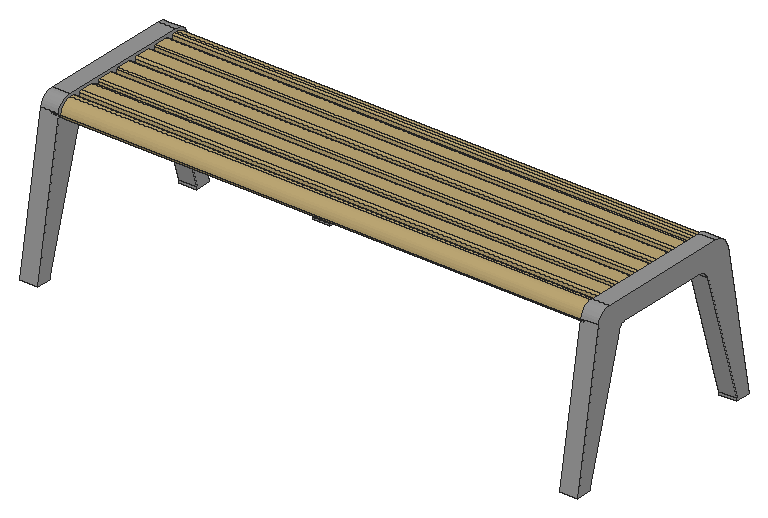
Revit family "L-FUR_벤치_DWB-110_데오스웍스", category 일반 모델, Revit 2021
Family settings
  보강 철근 호스트 가능 = 아니오
  원형 커넥터 치수 = 지름 사용
  부품 유형 = 보통
  작업 기준면 기반 = 아니오
  항상 수직 = 예
  로드될 때 보이드를 사용하여 절단 = 아니오
  공유 = 아니오
  룸 계산 점 = 아니오
Parameters
  한국산업규격KS = ""
  조달청표준공사코드-세부공종 = "24084146"
  기본 입면도 = 0 mm
  건설정보분류체계-부위분류 = "E943"
  LIM_INFO_주의사항 = "재배포, 재가공, 판매 금지"
  LIM_INFO_제품업체 = "예건"
  LIM_INFO_제품번호 = "YF-16"
  LIM_INFO_제품명 = "펜스_YF-16"
  LIM_INFO_제작일 = "20230315"
  LIM_INFO_재료 = "Hardwood, STL-pipe, STL-plate"
  LIM_INFO_업체정보 = ""
  LIM_INFO_업체URL = "https://yekun.com/"
  LIM_INFO_업체TEL = "(+82)31-943-6114"
  LIM_INFO_업체EMAIL = "yekun@yekun.com"
  LIM_INFO_버전 = "2023_V01"
  LIM_INFO_기타정보 = ""
  LIM_INFO_규격 = "W2000 x H1800"
  LIM_INFO_가격 = 0
  LIM_INFO_PV_포장재여부 = yes
  LIM_INFO_PV_면적 = 0.00 m²
  KBIMS_식별-버전 = ""
  KBIMS_식별-bSK등록번호 = ""
  KBIMS_보급정보-저작자 = "림인포테크_MMJ"
  KBIMS_보급정보-보급코드 = ""
Reference planes
  plane 1 "중심(앞/뒤)": y = 0
  plane 2: z = 0
  plane 3 "중심(왼쪽/오른쪽)": x = 0
Dimensions and locks
  aligned and locked: level to plane 2
Nested families
  nested 1: "DWB-110_base" at (0, 0, 0), type "DWB-110_base"
Definition of nested family "DWB-110_base"
  Parameters (values of type "DWB-110_base")
    Default Elevation = 0 mm
  Reference planes
    plane 1 "중심(앞/뒤)": y = 0
    plane 2: z = 0
    plane 3 "중심(왼쪽/오른쪽)": x = 0
  Forms (mm)
    Sweep 1, solid, not visible, detail levels fine
      path origin (0, 0, 0) x (1, 0, 0) y (0, 1, 0)
        loop
          circle (-1867.879, -167.062) r 568.25
      profile origin (-1867.879, 401.188, 0) x (0, -1, 0) y (0, 0, 1)
        loop
          circle (0, 0) r 28.75
        loop
          circle (0, 0) r 30.25
    Sweep 2, solid, not visible, detail levels coarse+medium
      path origin (0, 0, 0) x (1, 0, 0) y (0, 1, 0)
        loop
          circle (-1867.879, -167.062) r 568.25
      profile origin (-1867.879, 401.188, 0) x (0, -1, 0) y (0, 0, 1)
        loop
          line (26.465, -11.234) -> (26.657, 10.77) -> (11.234, 26.465) -> (-10.77, 26.657) -> (-26.465, 11.234) -> (-26.657, -10.77) -> (-11.234, -26.465) -> (10.77, -26.657) -> (26.465, -11.234)
        loop
          line (28.047, 11.332) -> (11.82, 27.845) -> (-11.332, 28.047) -> (-27.845, 11.82) -> (-28.047, -11.332) -> (-11.82, -27.845) -> (11.332, -28.047) -> (27.845, -11.82) -> (28.047, 11.332)
    Sweep 3, solid, not visible, detail levels fine
      path origin (0, 0, -1310.25) x (1, 0, 0) y (0, 1, 0)
        loop
          circle (-1867.879, -167.062) r 568.25
      profile origin (-1867.879, 401.188, -1310.25) x (0, -1, 0) y (0, 0, 1)
        loop
          circle (0, 1310.25) r 28.75
        loop
          circle (0, 1310.25) r 30.25
    Sweep 4, solid, not visible, detail levels coarse+medium
      path origin (0, 0, -1310.25) x (1, 0, 0) y (0, 1, 0)
        loop
          circle (-1867.879, -167.062) r 568.25
      profile origin (-1867.879, 401.188, -1310.25) x (0, -1, 0) y (0, 0, 1)
        loop
          line (26.465, 1299.016) -> (26.657, 1321.02) -> (11.234, 1336.715) -> (-10.77, 1336.907) -> (-26.465, 1321.484) -> (-26.657, 1299.48) -> (-11.234, 1283.785) -> (10.77, 1283.593) -> (26.465, 1299.016)
        loop
          line (28.047, 1321.582) -> (11.82, 1338.095) -> (-11.332, 1338.297) -> (-27.845, 1322.07) -> (-28.047, 1298.918) -> (-11.82, 1282.405) -> (11.332, 1282.203) -> (27.845, 1298.43) -> (28.047, 1321.582)
    Extrusion 5, solid, not visible
      sketch origin (0, 0, 0) x (1, 0, 0) y (0, 1, 0)
        loop
          line (-1678.243, -2480.024) -> (-1613.986, -2453.408)
          arc (-1613.986, -2453.408) -> (-1612.495, -2452.007) -> (-1612.304, -2449.969) r 2.893
          line (-1612.304, -2449.969) -> (-1622.315, -2413.562) -> (-1700.528, -2445.959) -> (-1681.864, -2478.781)
          arc (-1681.864, -2478.781) -> (-1680.288, -2480.087) -> (-1678.243, -2480.024) r 2.893
        loop
          line (-1517.968, -2394.568) -> (-1465.081, -2349.398)
          arc (-1465.081, -2349.398) -> (-1464.096, -2347.605) -> (-1464.544, -2345.608) r 2.893
          line (-1464.544, -2345.608) -> (-1485.315, -2314.077) -> (-1549.689, -2369.057) -> (-1521.796, -2394.505)
          arc (-1521.796, -2394.505) -> (-1519.893, -2395.26) -> (-1517.968, -2394.568) r 2.893
        loop
          line (-1391.945, -2263.766) -> (-1355.605, -2204.465)
          arc (-1355.605, -2204.465) -> (-1355.222, -2202.454) -> (-1356.265, -2200.694) r 2.893
          line (-1356.265, -2200.694) -> (-1385.763, -2177.125) -> (-1429.997, -2249.307) -> (-1395.605, -2264.89)
          arc (-1395.605, -2264.89) -> (-1393.562, -2265.02) -> (-1391.945, -2263.766) r 2.893
        loop
          line (-1312.509, -2100.424) -> (-1296.273, -2032.795)
          arc (-1296.273, -2032.795) -> (-1296.53, -2030.765) -> (-1298.067, -2029.413) r 2.893
          line (-1298.067, -2029.413) -> (-1333.404, -2016.112) -> (-1353.167, -2098.431) -> (-1315.643, -2102.623)
          arc (-1315.643, -2102.623) -> (-1313.66, -2102.116) -> (-1312.509, -2100.424) r 2.893
        loop
          line (-1287.437, -1920.529) -> (-1292.894, -1851.193)
          arc (-1292.894, -1851.193) -> (-1293.766, -1849.341) -> (-1295.645, -1848.53) r 2.893
          line (-1295.645, -1848.53) -> (-1333.364, -1846.801) -> (-1326.722, -1931.197) -> (-1289.738, -1923.589)
          arc (-1289.738, -1923.589) -> (-1288.009, -1922.494) -> (-1287.437, -1920.529) r 2.893
        loop
          line (-1319.183, -1741.691) -> (-1345.799, -1677.435)
          arc (-1345.799, -1677.435) -> (-1347.201, -1675.943) -> (-1349.238, -1675.753) r 2.893
          line (-1349.238, -1675.753) -> (-1385.645, -1685.763) -> (-1353.248, -1763.977) -> (-1320.426, -1745.312)
          arc (-1320.426, -1745.312) -> (-1319.12, -1743.736) -> (-1319.183, -1741.691) r 2.893
        loop
          line (-1404.64, -1581.416) -> (-1449.809, -1528.529)
          arc (-1449.809, -1528.529) -> (-1451.603, -1527.544) -> (-1453.6, -1527.992) r 2.893
          line (-1453.6, -1527.992) -> (-1485.131, -1548.764) -> (-1430.15, -1613.138) -> (-1404.702, -1585.244)
          arc (-1404.702, -1585.244) -> (-1403.947, -1583.342) -> (-1404.64, -1581.416) r 2.893
        loop
          line (-1535.441, -1455.393) -> (-1594.742, -1419.053)
          arc (-1594.742, -1419.053) -> (-1596.753, -1418.67) -> (-1598.513, -1419.714) r 2.893
          line (-1598.513, -1419.714) -> (-1622.083, -1449.212) -> (-1549.9, -1493.445) -> (-1534.317, -1459.053)
          arc (-1534.317, -1459.053) -> (-1534.187, -1457.01) -> (-1535.441, -1455.393) r 2.893
        loop
          line (-1698.784, -1375.958) -> (-1766.412, -1359.721)
          arc (-1766.412, -1359.721) -> (-1768.443, -1359.978) -> (-1769.795, -1361.515) r 2.893
          line (-1769.795, -1361.515) -> (-1783.095, -1396.853) -> (-1700.777, -1416.616) -> (-1696.584, -1379.091)
          arc (-1696.584, -1379.091) -> (-1697.091, -1377.108) -> (-1698.784, -1375.958) r 2.893
        loop
          line (-1878.679, -1350.886) -> (-1948.015, -1356.343)
          arc (-1948.015, -1356.343) -> (-1949.866, -1357.215) -> (-1950.677, -1359.094) r 2.893
          line (-1950.677, -1359.094) -> (-1952.406, -1396.812) -> (-1868.01, -1390.17) -> (-1875.618, -1353.187)
          arc (-1875.618, -1353.187) -> (-1876.713, -1351.457) -> (-1878.679, -1350.886) r 2.893
        loop
          line (-2057.516, -1382.632) -> (-2121.773, -1409.247)
          arc (-2121.773, -1409.247) -> (-2123.264, -1410.649) -> (-2123.455, -1412.687) r 2.893
          line (-2123.455, -1412.687) -> (-2113.444, -1449.093) -> (-2035.231, -1416.696) -> (-2053.895, -1383.874)
          arc (-2053.895, -1383.874) -> (-2055.471, -1382.568) -> (-2057.516, -1382.632) r 2.893
        loop
          line (-2217.791, -1468.088) -> (-2270.678, -1513.257)
          arc (-2270.678, -1513.257) -> (-2271.663, -1515.051) -> (-2271.215, -1517.048) r 2.893
          line (-2271.215, -1517.048) -> (-2250.444, -1548.579) -> (-2186.07, -1493.598) -> (-2213.963, -1468.15)
          arc (-2213.963, -1468.15) -> (-2215.865, -1467.395) -> (-2217.791, -1468.088) r 2.893
        loop
          line (-2343.814, -1598.889) -> (-2380.154, -1658.191)
          arc (-2380.154, -1658.191) -> (-2380.537, -1660.201) -> (-2379.494, -1661.962) r 2.893
          line (-2379.494, -1661.962) -> (-2349.996, -1685.531) -> (-2305.762, -1613.349) -> (-2340.154, -1597.766)
          arc (-2340.154, -1597.766) -> (-2342.197, -1597.635) -> (-2343.814, -1598.889) r 2.893
        loop
          line (-2437.692, -1833.243) -> (-2402.355, -1846.543) -> (-2382.592, -1764.225) -> (-2420.116, -1760.032)
          arc (-2420.116, -1760.032) -> (-2422.099, -1760.539) -> (-2423.25, -1762.232) r 2.893
          line (-2423.25, -1762.232) -> (-2439.486, -1829.861)
          arc (-2439.486, -1829.861) -> (-2439.229, -1831.891) -> (-2437.692, -1833.243) r 2.893
        loop
          line (-2440.113, -2014.125) -> (-2402.395, -2015.855) -> (-2409.037, -1931.458) -> (-2446.021, -1939.067)
          arc (-2446.021, -1939.067) -> (-2447.75, -1940.162) -> (-2448.322, -1942.127) r 2.893
          line (-2448.322, -1942.127) -> (-2442.865, -2011.463)
          arc (-2442.865, -2011.463) -> (-2441.993, -2013.314) -> (-2440.113, -2014.125) r 2.893
        loop
          line (-2386.521, -2186.903) -> (-2350.114, -2176.892) -> (-2382.511, -2098.679) -> (-2415.333, -2117.343)
          arc (-2415.333, -2117.343) -> (-2416.639, -2118.919) -> (-2416.576, -2120.965) r 2.893
          line (-2416.576, -2120.965) -> (-2389.96, -2185.221)
          arc (-2389.96, -2185.221) -> (-2388.558, -2186.712) -> (-2386.521, -2186.903) r 2.893
        loop
          line (-2282.159, -2334.663) -> (-2250.628, -2313.892) -> (-2305.609, -2249.518) -> (-2331.057, -2277.412)
          arc (-2331.057, -2277.412) -> (-2331.812, -2279.314) -> (-2331.119, -2281.24) r 2.893
          line (-2331.119, -2281.24) -> (-2285.95, -2334.126)
          arc (-2285.95, -2334.126) -> (-2284.156, -2335.112) -> (-2282.159, -2334.663) r 2.893
        loop
          line (-2137.246, -2442.942) -> (-2113.676, -2413.444) -> (-2185.859, -2369.21) -> (-2201.441, -2403.603)
          arc (-2201.441, -2403.603) -> (-2201.572, -2405.645) -> (-2200.318, -2407.263) r 2.893
          line (-2200.318, -2407.263) -> (-2141.017, -2443.603)
          arc (-2141.017, -2443.603) -> (-2139.006, -2443.986) -> (-2137.246, -2442.942) r 2.893
        loop
          line (-1965.964, -2501.141) -> (-1952.664, -2465.803) -> (-2034.982, -2446.04) -> (-2039.175, -2483.564)
          arc (-2039.175, -2483.564) -> (-2038.668, -2485.547) -> (-2036.975, -2486.698) r 2.893
          line (-2036.975, -2486.698) -> (-1969.347, -2502.934)
          arc (-1969.347, -2502.934) -> (-1967.316, -2502.677) -> (-1965.964, -2501.141) r 2.893
        loop
          line (-1785.082, -2503.562) -> (-1783.353, -2465.844) -> (-1867.749, -2472.486) -> (-1860.141, -2509.469)
          arc (-1860.141, -2509.469) -> (-1859.046, -2511.198) -> (-1857.08, -2511.77) r 2.893
          line (-1857.08, -2511.77) -> (-1787.744, -2506.313)
          arc (-1787.744, -2506.313) -> (-1785.893, -2505.441) -> (-1785.082, -2503.562) r 2.893
      from 0 to 680
    Extrusion 6, solid, not visible
      sketch origin (-326.184, 269.167, 0) x (0.987613, 0.156911, 0) y (-0.156911, 0.987613, 0)
        loop
          line (-1678.243, -2480.024) -> (-1613.986, -2453.408)
          arc (-1613.986, -2453.408) -> (-1612.495, -2452.007) -> (-1612.304, -2449.969) r 2.893
          line (-1612.304, -2449.969) -> (-1622.315, -2413.562) -> (-1700.528, -2445.959) -> (-1681.864, -2478.781)
          arc (-1681.864, -2478.781) -> (-1680.288, -2480.087) -> (-1678.243, -2480.024) r 2.893
        loop
          line (-1517.968, -2394.568) -> (-1465.081, -2349.398)
          arc (-1465.081, -2349.398) -> (-1464.096, -2347.605) -> (-1464.544, -2345.608) r 2.893
          line (-1464.544, -2345.608) -> (-1485.315, -2314.077) -> (-1549.689, -2369.057) -> (-1521.796, -2394.505)
          arc (-1521.796, -2394.505) -> (-1519.893, -2395.26) -> (-1517.968, -2394.568) r 2.893
        loop
          line (-1391.945, -2263.766) -> (-1355.605, -2204.465)
          arc (-1355.605, -2204.465) -> (-1355.222, -2202.454) -> (-1356.265, -2200.694) r 2.893
          line (-1356.265, -2200.694) -> (-1385.763, -2177.125) -> (-1429.997, -2249.307) -> (-1395.605, -2264.89)
          arc (-1395.605, -2264.89) -> (-1393.562, -2265.02) -> (-1391.945, -2263.766) r 2.893
        loop
          line (-1312.509, -2100.424) -> (-1296.273, -2032.795)
          arc (-1296.273, -2032.795) -> (-1296.53, -2030.765) -> (-1298.067, -2029.413) r 2.893
          line (-1298.067, -2029.413) -> (-1333.404, -2016.112) -> (-1353.167, -2098.431) -> (-1315.643, -2102.623)
          arc (-1315.643, -2102.623) -> (-1313.66, -2102.116) -> (-1312.509, -2100.424) r 2.893
        loop
          line (-1287.437, -1920.529) -> (-1292.894, -1851.193)
          arc (-1292.894, -1851.193) -> (-1293.766, -1849.341) -> (-1295.645, -1848.53) r 2.893
          line (-1295.645, -1848.53) -> (-1333.364, -1846.801) -> (-1326.722, -1931.197) -> (-1289.738, -1923.589)
          arc (-1289.738, -1923.589) -> (-1288.009, -1922.494) -> (-1287.437, -1920.529) r 2.893
        loop
          line (-1319.183, -1741.691) -> (-1345.799, -1677.435)
          arc (-1345.799, -1677.435) -> (-1347.201, -1675.943) -> (-1349.238, -1675.753) r 2.893
          line (-1349.238, -1675.753) -> (-1385.645, -1685.763) -> (-1353.248, -1763.977) -> (-1320.426, -1745.312)
          arc (-1320.426, -1745.312) -> (-1319.12, -1743.736) -> (-1319.183, -1741.691) r 2.893
        loop
          line (-1404.64, -1581.416) -> (-1449.809, -1528.529)
          arc (-1449.809, -1528.529) -> (-1451.603, -1527.544) -> (-1453.6, -1527.992) r 2.893
          line (-1453.6, -1527.992) -> (-1485.131, -1548.764) -> (-1430.15, -1613.138) -> (-1404.702, -1585.244)
          arc (-1404.702, -1585.244) -> (-1403.947, -1583.342) -> (-1404.64, -1581.416) r 2.893
        loop
          line (-1535.441, -1455.393) -> (-1594.742, -1419.053)
          arc (-1594.742, -1419.053) -> (-1596.753, -1418.67) -> (-1598.513, -1419.714) r 2.893
          line (-1598.513, -1419.714) -> (-1622.083, -1449.212) -> (-1549.9, -1493.445) -> (-1534.317, -1459.053)
          arc (-1534.317, -1459.053) -> (-1534.187, -1457.01) -> (-1535.441, -1455.393) r 2.893
        loop
          line (-1698.784, -1375.958) -> (-1766.412, -1359.721)
          arc (-1766.412, -1359.721) -> (-1768.443, -1359.978) -> (-1769.795, -1361.515) r 2.893
          line (-1769.795, -1361.515) -> (-1783.095, -1396.853) -> (-1700.777, -1416.616) -> (-1696.584, -1379.091)
          arc (-1696.584, -1379.091) -> (-1697.091, -1377.108) -> (-1698.784, -1375.958) r 2.893
        loop
          line (-1878.679, -1350.886) -> (-1948.015, -1356.343)
          arc (-1948.015, -1356.343) -> (-1949.866, -1357.215) -> (-1950.677, -1359.094) r 2.893
          line (-1950.677, -1359.094) -> (-1952.406, -1396.812) -> (-1868.01, -1390.17) -> (-1875.618, -1353.187)
          arc (-1875.618, -1353.187) -> (-1876.713, -1351.457) -> (-1878.679, -1350.886) r 2.893
        loop
          line (-2057.516, -1382.632) -> (-2121.773, -1409.247)
          arc (-2121.773, -1409.247) -> (-2123.264, -1410.649) -> (-2123.455, -1412.687) r 2.893
          line (-2123.455, -1412.687) -> (-2113.444, -1449.093) -> (-2035.231, -1416.696) -> (-2053.895, -1383.874)
          arc (-2053.895, -1383.874) -> (-2055.471, -1382.568) -> (-2057.516, -1382.632) r 2.893
        loop
          line (-2217.791, -1468.088) -> (-2270.678, -1513.257)
          arc (-2270.678, -1513.257) -> (-2271.663, -1515.051) -> (-2271.215, -1517.048) r 2.893
          line (-2271.215, -1517.048) -> (-2250.444, -1548.579) -> (-2186.07, -1493.598) -> (-2213.963, -1468.15)
          arc (-2213.963, -1468.15) -> (-2215.865, -1467.395) -> (-2217.791, -1468.088) r 2.893
        loop
          line (-2343.814, -1598.889) -> (-2380.154, -1658.191)
          arc (-2380.154, -1658.191) -> (-2380.537, -1660.201) -> (-2379.494, -1661.962) r 2.893
          line (-2379.494, -1661.962) -> (-2349.996, -1685.531) -> (-2305.762, -1613.349) -> (-2340.154, -1597.766)
          arc (-2340.154, -1597.766) -> (-2342.197, -1597.635) -> (-2343.814, -1598.889) r 2.893
        loop
          line (-2437.692, -1833.243) -> (-2402.355, -1846.543) -> (-2382.592, -1764.225) -> (-2420.116, -1760.032)
          arc (-2420.116, -1760.032) -> (-2422.099, -1760.539) -> (-2423.25, -1762.232) r 2.893
          line (-2423.25, -1762.232) -> (-2439.486, -1829.861)
          arc (-2439.486, -1829.861) -> (-2439.229, -1831.891) -> (-2437.692, -1833.243) r 2.893
        loop
          line (-2440.113, -2014.125) -> (-2402.395, -2015.855) -> (-2409.037, -1931.458) -> (-2446.021, -1939.067)
          arc (-2446.021, -1939.067) -> (-2447.75, -1940.162) -> (-2448.322, -1942.127) r 2.893
          line (-2448.322, -1942.127) -> (-2442.865, -2011.463)
          arc (-2442.865, -2011.463) -> (-2441.993, -2013.314) -> (-2440.113, -2014.125) r 2.893
        loop
          line (-2386.521, -2186.903) -> (-2350.114, -2176.892) -> (-2382.511, -2098.679) -> (-2415.333, -2117.343)
          arc (-2415.333, -2117.343) -> (-2416.639, -2118.919) -> (-2416.576, -2120.965) r 2.893
          line (-2416.576, -2120.965) -> (-2389.96, -2185.221)
          arc (-2389.96, -2185.221) -> (-2388.558, -2186.712) -> (-2386.521, -2186.903) r 2.893
        loop
          line (-2282.159, -2334.663) -> (-2250.628, -2313.892) -> (-2305.609, -2249.518) -> (-2331.057, -2277.412)
          arc (-2331.057, -2277.412) -> (-2331.812, -2279.314) -> (-2331.119, -2281.24) r 2.893
          line (-2331.119, -2281.24) -> (-2285.95, -2334.126)
          arc (-2285.95, -2334.126) -> (-2284.156, -2335.112) -> (-2282.159, -2334.663) r 2.893
        loop
          line (-2137.246, -2442.942) -> (-2113.676, -2413.444) -> (-2185.859, -2369.21) -> (-2201.441, -2403.603)
          arc (-2201.441, -2403.603) -> (-2201.572, -2405.645) -> (-2200.318, -2407.263) r 2.893
          line (-2200.318, -2407.263) -> (-2141.017, -2443.603)
          arc (-2141.017, -2443.603) -> (-2139.006, -2443.986) -> (-2137.246, -2442.942) r 2.893
        loop
          line (-1965.964, -2501.141) -> (-1952.664, -2465.803) -> (-2034.982, -2446.04) -> (-2039.175, -2483.564)
          arc (-2039.175, -2483.564) -> (-2038.668, -2485.547) -> (-2036.975, -2486.698) r 2.893
          line (-2036.975, -2486.698) -> (-1969.347, -2502.934)
          arc (-1969.347, -2502.934) -> (-1967.316, -2502.677) -> (-1965.964, -2501.141) r 2.893
        loop
          line (-1785.082, -2503.562) -> (-1783.353, -2465.844) -> (-1867.749, -2472.486) -> (-1860.141, -2509.469)
          arc (-1860.141, -2509.469) -> (-1859.046, -2511.198) -> (-1857.08, -2511.77) r 2.893
          line (-1857.08, -2511.77) -> (-1787.744, -2506.313)
          arc (-1787.744, -2506.313) -> (-1785.893, -2505.441) -> (-1785.082, -2503.562) r 2.893
      from 0 to 680
    Extrusion 7, solid, not visible
      sketch origin (0, 0, 0) x (1, 0, 0) y (0, 1, 0)
        loop
          circle (-1867.879, -1931.328) r 537.5
        loop
          circle (-1867.879, -1931.328) r 539.5
      from 0 to 794.31
    Sweep 8, solid, not visible, detail levels fine
      path origin (0, -1764.266, -542.405) x (1, 0, 0) y (0, 1, 0)
        loop
          circle (-1867.879, -167.062) r 568.25
      profile origin (-1867.879, -1363.078, -542.405) x (0, -1, 0) y (0, 0, 1)
        loop
          circle (0, 1310.25) r 28.75
        loop
          circle (0, 1310.25) r 30.25
    Sweep 9, solid, not visible, detail levels coarse+medium
      path origin (0, -1764.266, -542.405) x (1, 0, 0) y (0, 1, 0)
        loop
          circle (-1867.879, -167.062) r 568.25
      profile origin (-1867.879, -1363.078, -542.405) x (0, -1, 0) y (0, 0, 1)
        loop
          line (26.465, 1299.016) -> (26.657, 1321.02) -> (11.234, 1336.715) -> (-10.77, 1336.907) -> (-26.465, 1321.484) -> (-26.657, 1299.48) -> (-11.234, 1283.785) -> (10.77, 1283.593) -> (26.465, 1299.016)
        loop
          line (28.047, 1321.582) -> (11.82, 1338.095) -> (-11.332, 1338.297) -> (-27.845, 1322.07) -> (-28.047, 1298.918) -> (-11.82, 1282.405) -> (11.332, 1282.203) -> (27.845, 1298.43) -> (28.047, 1321.582)
    Sweep 10, solid, not visible, detail levels fine
      path origin (0, -1764.266, -1278.297) x (1, 0, 0) y (0, 1, 0)
        loop
          circle (-1867.879, -167.062) r 568.25
      profile origin (-1867.879, -1363.078, -1278.297) x (0, -1, 0) y (0, 0, 1)
        loop
          circle (0, 1310.25) r 28.75
        loop
          circle (0, 1310.25) r 30.25
    Sweep 11, solid, not visible, detail levels coarse+medium
      path origin (0, -1764.266, -1278.297) x (1, 0, 0) y (0, 1, 0)
        loop
          circle (-1867.879, -167.062) r 568.25
      profile origin (-1867.879, -1363.078, -1278.297) x (0, -1, 0) y (0, 0, 1)
        loop
          line (26.465, 1299.016) -> (26.657, 1321.02) -> (11.234, 1336.715) -> (-10.77, 1336.907) -> (-26.465, 1321.484) -> (-26.657, 1299.48) -> (-11.234, 1283.785) -> (10.77, 1283.593) -> (26.465, 1299.016)
        loop
          line (28.047, 1321.582) -> (11.82, 1338.095) -> (-11.332, 1338.297) -> (-27.845, 1322.07) -> (-28.047, 1298.918) -> (-11.82, 1282.405) -> (11.332, 1282.203) -> (27.845, 1298.43) -> (28.047, 1321.582)
    Extrusion 12, solid, not visible
      sketch origin (0, 0, 60) x (1, 0, 0) y (0, 1, 0)
        loop
          line (-1678.243, -2480.024) -> (-1613.986, -2453.408)
          arc (-1613.986, -2453.408) -> (-1612.495, -2452.007) -> (-1612.304, -2449.969) r 2.893
          line (-1612.304, -2449.969) -> (-1622.315, -2413.562) -> (-1700.528, -2445.959) -> (-1681.864, -2478.781)
          arc (-1681.864, -2478.781) -> (-1680.288, -2480.087) -> (-1678.243, -2480.024) r 2.893
        loop
          line (-1517.968, -2394.568) -> (-1465.081, -2349.398)
          arc (-1465.081, -2349.398) -> (-1464.096, -2347.605) -> (-1464.544, -2345.608) r 2.893
          line (-1464.544, -2345.608) -> (-1485.315, -2314.077) -> (-1549.689, -2369.057) -> (-1521.796, -2394.505)
          arc (-1521.796, -2394.505) -> (-1519.893, -2395.26) -> (-1517.968, -2394.568) r 2.893
        loop
          line (-1391.945, -2263.766) -> (-1355.605, -2204.465)
          arc (-1355.605, -2204.465) -> (-1355.222, -2202.454) -> (-1356.265, -2200.694) r 2.893
          line (-1356.265, -2200.694) -> (-1385.763, -2177.125) -> (-1429.997, -2249.307) -> (-1395.605, -2264.89)
          arc (-1395.605, -2264.89) -> (-1393.562, -2265.02) -> (-1391.945, -2263.766) r 2.893
        loop
          line (-1312.509, -2100.424) -> (-1296.273, -2032.795)
          arc (-1296.273, -2032.795) -> (-1296.53, -2030.765) -> (-1298.067, -2029.413) r 2.893
          line (-1298.067, -2029.413) -> (-1333.404, -2016.112) -> (-1353.167, -2098.431) -> (-1315.643, -2102.623)
          arc (-1315.643, -2102.623) -> (-1313.66, -2102.116) -> (-1312.509, -2100.424) r 2.893
        loop
          line (-1287.437, -1920.529) -> (-1292.894, -1851.193)
          arc (-1292.894, -1851.193) -> (-1293.766, -1849.341) -> (-1295.645, -1848.53) r 2.893
          line (-1295.645, -1848.53) -> (-1333.364, -1846.801) -> (-1326.722, -1931.197) -> (-1289.738, -1923.589)
          arc (-1289.738, -1923.589) -> (-1288.009, -1922.494) -> (-1287.437, -1920.529) r 2.893
        loop
          line (-1319.183, -1741.691) -> (-1345.799, -1677.435)
          arc (-1345.799, -1677.435) -> (-1347.201, -1675.943) -> (-1349.238, -1675.753) r 2.893
          line (-1349.238, -1675.753) -> (-1385.645, -1685.763) -> (-1353.248, -1763.977) -> (-1320.426, -1745.312)
          arc (-1320.426, -1745.312) -> (-1319.12, -1743.736) -> (-1319.183, -1741.691) r 2.893
        loop
          line (-1404.64, -1581.416) -> (-1449.809, -1528.529)
          arc (-1449.809, -1528.529) -> (-1451.603, -1527.544) -> (-1453.6, -1527.992) r 2.893
          line (-1453.6, -1527.992) -> (-1485.131, -1548.764) -> (-1430.15, -1613.138) -> (-1404.702, -1585.244)
          arc (-1404.702, -1585.244) -> (-1403.947, -1583.342) -> (-1404.64, -1581.416) r 2.893
        loop
          line (-1535.441, -1455.393) -> (-1594.742, -1419.053)
          arc (-1594.742, -1419.053) -> (-1596.753, -1418.67) -> (-1598.513, -1419.714) r 2.893
          line (-1598.513, -1419.714) -> (-1622.083, -1449.212) -> (-1549.9, -1493.445) -> (-1534.317, -1459.053)
          arc (-1534.317, -1459.053) -> (-1534.187, -1457.01) -> (-1535.441, -1455.393) r 2.893
        loop
          line (-1698.784, -1375.958) -> (-1766.412, -1359.721)
          arc (-1766.412, -1359.721) -> (-1768.443, -1359.978) -> (-1769.795, -1361.515) r 2.893
          line (-1769.795, -1361.515) -> (-1783.095, -1396.853) -> (-1700.777, -1416.616) -> (-1696.584, -1379.091)
          arc (-1696.584, -1379.091) -> (-1697.091, -1377.108) -> (-1698.784, -1375.958) r 2.893
        loop
          line (-1878.679, -1350.886) -> (-1948.015, -1356.343)
          arc (-1948.015, -1356.343) -> (-1949.866, -1357.215) -> (-1950.677, -1359.094) r 2.893
          line (-1950.677, -1359.094) -> (-1952.406, -1396.812) -> (-1868.01, -1390.17) -> (-1875.618, -1353.187)
          arc (-1875.618, -1353.187) -> (-1876.713, -1351.457) -> (-1878.679, -1350.886) r 2.893
        loop
          line (-2057.516, -1382.632) -> (-2121.773, -1409.247)
          arc (-2121.773, -1409.247) -> (-2123.264, -1410.649) -> (-2123.455, -1412.687) r 2.893
          line (-2123.455, -1412.687) -> (-2113.444, -1449.093) -> (-2035.231, -1416.696) -> (-2053.895, -1383.874)
          arc (-2053.895, -1383.874) -> (-2055.471, -1382.568) -> (-2057.516, -1382.632) r 2.893
        loop
          line (-2217.791, -1468.088) -> (-2270.678, -1513.257)
          arc (-2270.678, -1513.257) -> (-2271.663, -1515.051) -> (-2271.215, -1517.048) r 2.893
          line (-2271.215, -1517.048) -> (-2250.444, -1548.579) -> (-2186.07, -1493.598) -> (-2213.963, -1468.15)
          arc (-2213.963, -1468.15) -> (-2215.865, -1467.395) -> (-2217.791, -1468.088) r 2.893
        loop
          line (-2343.814, -1598.889) -> (-2380.154, -1658.191)
          arc (-2380.154, -1658.191) -> (-2380.537, -1660.201) -> (-2379.494, -1661.962) r 2.893
          line (-2379.494, -1661.962) -> (-2349.996, -1685.531) -> (-2305.762, -1613.349) -> (-2340.154, -1597.766)
          arc (-2340.154, -1597.766) -> (-2342.197, -1597.635) -> (-2343.814, -1598.889) r 2.893
        loop
          line (-2437.692, -1833.243) -> (-2402.355, -1846.543) -> (-2382.592, -1764.225) -> (-2420.116, -1760.032)
          arc (-2420.116, -1760.032) -> (-2422.099, -1760.539) -> (-2423.25, -1762.232) r 2.893
          line (-2423.25, -1762.232) -> (-2439.486, -1829.861)
          arc (-2439.486, -1829.861) -> (-2439.229, -1831.891) -> (-2437.692, -1833.243) r 2.893
        loop
          line (-2440.113, -2014.125) -> (-2402.395, -2015.855) -> (-2409.037, -1931.458) -> (-2446.021, -1939.067)
          arc (-2446.021, -1939.067) -> (-2447.75, -1940.162) -> (-2448.322, -1942.127) r 2.893
          line (-2448.322, -1942.127) -> (-2442.865, -2011.463)
          arc (-2442.865, -2011.463) -> (-2441.993, -2013.314) -> (-2440.113, -2014.125) r 2.893
        loop
          line (-2386.521, -2186.903) -> (-2350.114, -2176.892) -> (-2382.511, -2098.679) -> (-2415.333, -2117.343)
          arc (-2415.333, -2117.343) -> (-2416.639, -2118.919) -> (-2416.576, -2120.965) r 2.893
          line (-2416.576, -2120.965) -> (-2389.96, -2185.221)
          arc (-2389.96, -2185.221) -> (-2388.558, -2186.712) -> (-2386.521, -2186.903) r 2.893
        loop
          line (-2282.159, -2334.663) -> (-2250.628, -2313.892) -> (-2305.609, -2249.518) -> (-2331.057, -2277.412)
          arc (-2331.057, -2277.412) -> (-2331.812, -2279.314) -> (-2331.119, -2281.24) r 2.893
          line (-2331.119, -2281.24) -> (-2285.95, -2334.126)
          arc (-2285.95, -2334.126) -> (-2284.156, -2335.112) -> (-2282.159, -2334.663) r 2.893
        loop
          line (-2137.246, -2442.942) -> (-2113.676, -2413.444) -> (-2185.859, -2369.21) -> (-2201.441, -2403.603)
          arc (-2201.441, -2403.603) -> (-2201.572, -2405.645) -> (-2200.318, -2407.263) r 2.893
          line (-2200.318, -2407.263) -> (-2141.017, -2443.603)
          arc (-2141.017, -2443.603) -> (-2139.006, -2443.986) -> (-2137.246, -2442.942) r 2.893
        loop
          line (-1965.964, -2501.141) -> (-1952.664, -2465.803) -> (-2034.982, -2446.04) -> (-2039.175, -2483.564)
          arc (-2039.175, -2483.564) -> (-2038.668, -2485.547) -> (-2036.975, -2486.698) r 2.893
          line (-2036.975, -2486.698) -> (-1969.347, -2502.934)
          arc (-1969.347, -2502.934) -> (-1967.316, -2502.677) -> (-1965.964, -2501.141) r 2.893
        loop
          line (-1785.082, -2503.562) -> (-1783.353, -2465.844) -> (-1867.749, -2472.486) -> (-1860.141, -2509.469)
          arc (-1860.141, -2509.469) -> (-1859.046, -2511.198) -> (-1857.08, -2511.77) r 2.893
          line (-1857.08, -2511.77) -> (-1787.744, -2506.313)
          arc (-1787.744, -2506.313) -> (-1785.893, -2505.441) -> (-1785.082, -2503.562) r 2.893
      from 0 to 680
    Extrusion 13, solid, not visible
      sketch origin (-326.184, 269.167, 60) x (0.987613, 0.156911, 0) y (-0.156911, 0.987613, 0)
        loop
          line (-1678.243, -2480.024) -> (-1613.986, -2453.408)
          arc (-1613.986, -2453.408) -> (-1612.495, -2452.007) -> (-1612.304, -2449.969) r 2.893
          line (-1612.304, -2449.969) -> (-1622.315, -2413.562) -> (-1700.528, -2445.959) -> (-1681.864, -2478.781)
          arc (-1681.864, -2478.781) -> (-1680.288, -2480.087) -> (-1678.243, -2480.024) r 2.893
        loop
          line (-1517.968, -2394.568) -> (-1465.081, -2349.398)
          arc (-1465.081, -2349.398) -> (-1464.096, -2347.605) -> (-1464.544, -2345.608) r 2.893
          line (-1464.544, -2345.608) -> (-1485.315, -2314.077) -> (-1549.689, -2369.057) -> (-1521.796, -2394.505)
          arc (-1521.796, -2394.505) -> (-1519.893, -2395.26) -> (-1517.968, -2394.568) r 2.893
        loop
          line (-1391.945, -2263.766) -> (-1355.605, -2204.465)
          arc (-1355.605, -2204.465) -> (-1355.222, -2202.454) -> (-1356.265, -2200.694) r 2.893
          line (-1356.265, -2200.694) -> (-1385.763, -2177.125) -> (-1429.997, -2249.307) -> (-1395.605, -2264.89)
          arc (-1395.605, -2264.89) -> (-1393.562, -2265.02) -> (-1391.945, -2263.766) r 2.893
        loop
          line (-1312.509, -2100.424) -> (-1296.273, -2032.795)
          arc (-1296.273, -2032.795) -> (-1296.53, -2030.765) -> (-1298.067, -2029.413) r 2.893
          line (-1298.067, -2029.413) -> (-1333.404, -2016.112) -> (-1353.167, -2098.431) -> (-1315.643, -2102.623)
          arc (-1315.643, -2102.623) -> (-1313.66, -2102.116) -> (-1312.509, -2100.424) r 2.893
        loop
          line (-1287.437, -1920.529) -> (-1292.894, -1851.193)
          arc (-1292.894, -1851.193) -> (-1293.766, -1849.341) -> (-1295.645, -1848.53) r 2.893
          line (-1295.645, -1848.53) -> (-1333.364, -1846.801) -> (-1326.722, -1931.197) -> (-1289.738, -1923.589)
          arc (-1289.738, -1923.589) -> (-1288.009, -1922.494) -> (-1287.437, -1920.529) r 2.893
        loop
          line (-1319.183, -1741.691) -> (-1345.799, -1677.435)
          arc (-1345.799, -1677.435) -> (-1347.201, -1675.943) -> (-1349.238, -1675.753) r 2.893
          line (-1349.238, -1675.753) -> (-1385.645, -1685.763) -> (-1353.248, -1763.977) -> (-1320.426, -1745.312)
          arc (-1320.426, -1745.312) -> (-1319.12, -1743.736) -> (-1319.183, -1741.691) r 2.893
        loop
          line (-1404.64, -1581.416) -> (-1449.809, -1528.529)
          arc (-1449.809, -1528.529) -> (-1451.603, -1527.544) -> (-1453.6, -1527.992) r 2.893
          line (-1453.6, -1527.992) -> (-1485.131, -1548.764) -> (-1430.15, -1613.138) -> (-1404.702, -1585.244)
          arc (-1404.702, -1585.244) -> (-1403.947, -1583.342) -> (-1404.64, -1581.416) r 2.893
        loop
          line (-1535.441, -1455.393) -> (-1594.742, -1419.053)
          arc (-1594.742, -1419.053) -> (-1596.753, -1418.67) -> (-1598.513, -1419.714) r 2.893
          line (-1598.513, -1419.714) -> (-1622.083, -1449.212) -> (-1549.9, -1493.445) -> (-1534.317, -1459.053)
          arc (-1534.317, -1459.053) -> (-1534.187, -1457.01) -> (-1535.441, -1455.393) r 2.893
        loop
          line (-1698.784, -1375.958) -> (-1766.412, -1359.721)
          arc (-1766.412, -1359.721) -> (-1768.443, -1359.978) -> (-1769.795, -1361.515) r 2.893
          line (-1769.795, -1361.515) -> (-1783.095, -1396.853) -> (-1700.777, -1416.616) -> (-1696.584, -1379.091)
          arc (-1696.584, -1379.091) -> (-1697.091, -1377.108) -> (-1698.784, -1375.958) r 2.893
        loop
          line (-1878.679, -1350.886) -> (-1948.015, -1356.343)
          arc (-1948.015, -1356.343) -> (-1949.866, -1357.215) -> (-1950.677, -1359.094) r 2.893
          line (-1950.677, -1359.094) -> (-1952.406, -1396.812) -> (-1868.01, -1390.17) -> (-1875.618, -1353.187)
          arc (-1875.618, -1353.187) -> (-1876.713, -1351.457) -> (-1878.679, -1350.886) r 2.893
        loop
          line (-2057.516, -1382.632) -> (-2121.773, -1409.247)
          arc (-2121.773, -1409.247) -> (-2123.264, -1410.649) -> (-2123.455, -1412.687) r 2.893
          line (-2123.455, -1412.687) -> (-2113.444, -1449.093) -> (-2035.231, -1416.696) -> (-2053.895, -1383.874)
          arc (-2053.895, -1383.874) -> (-2055.471, -1382.568) -> (-2057.516, -1382.632) r 2.893
        loop
          line (-2217.791, -1468.088) -> (-2270.678, -1513.257)
          arc (-2270.678, -1513.257) -> (-2271.663, -1515.051) -> (-2271.215, -1517.048) r 2.893
          line (-2271.215, -1517.048) -> (-2250.444, -1548.579) -> (-2186.07, -1493.598) -> (-2213.963, -1468.15)
          arc (-2213.963, -1468.15) -> (-2215.865, -1467.395) -> (-2217.791, -1468.088) r 2.893
        loop
          line (-2343.814, -1598.889) -> (-2380.154, -1658.191)
          arc (-2380.154, -1658.191) -> (-2380.537, -1660.201) -> (-2379.494, -1661.962) r 2.893
          line (-2379.494, -1661.962) -> (-2349.996, -1685.531) -> (-2305.762, -1613.349) -> (-2340.154, -1597.766)
          arc (-2340.154, -1597.766) -> (-2342.197, -1597.635) -> (-2343.814, -1598.889) r 2.893
        loop
          line (-2437.692, -1833.243) -> (-2402.355, -1846.543) -> (-2382.592, -1764.225) -> (-2420.116, -1760.032)
          arc (-2420.116, -1760.032) -> (-2422.099, -1760.539) -> (-2423.25, -1762.232) r 2.893
          line (-2423.25, -1762.232) -> (-2439.486, -1829.861)
          arc (-2439.486, -1829.861) -> (-2439.229, -1831.891) -> (-2437.692, -1833.243) r 2.893
        loop
          line (-2440.113, -2014.125) -> (-2402.395, -2015.855) -> (-2409.037, -1931.458) -> (-2446.021, -1939.067)
          arc (-2446.021, -1939.067) -> (-2447.75, -1940.162) -> (-2448.322, -1942.127) r 2.893
          line (-2448.322, -1942.127) -> (-2442.865, -2011.463)
          arc (-2442.865, -2011.463) -> (-2441.993, -2013.314) -> (-2440.113, -2014.125) r 2.893
        loop
          line (-2386.521, -2186.903) -> (-2350.114, -2176.892) -> (-2382.511, -2098.679) -> (-2415.333, -2117.343)
          arc (-2415.333, -2117.343) -> (-2416.639, -2118.919) -> (-2416.576, -2120.965) r 2.893
          line (-2416.576, -2120.965) -> (-2389.96, -2185.221)
          arc (-2389.96, -2185.221) -> (-2388.558, -2186.712) -> (-2386.521, -2186.903) r 2.893
        loop
          line (-2282.159, -2334.663) -> (-2250.628, -2313.892) -> (-2305.609, -2249.518) -> (-2331.057, -2277.412)
          arc (-2331.057, -2277.412) -> (-2331.812, -2279.314) -> (-2331.119, -2281.24) r 2.893
          line (-2331.119, -2281.24) -> (-2285.95, -2334.126)
          arc (-2285.95, -2334.126) -> (-2284.156, -2335.112) -> (-2282.159, -2334.663) r 2.893
        loop
          line (-2137.246, -2442.942) -> (-2113.676, -2413.444) -> (-2185.859, -2369.21) -> (-2201.441, -2403.603)
          arc (-2201.441, -2403.603) -> (-2201.572, -2405.645) -> (-2200.318, -2407.263) r 2.893
          line (-2200.318, -2407.263) -> (-2141.017, -2443.603)
          arc (-2141.017, -2443.603) -> (-2139.006, -2443.986) -> (-2137.246, -2442.942) r 2.893
        loop
          line (-1965.964, -2501.141) -> (-1952.664, -2465.803) -> (-2034.982, -2446.04) -> (-2039.175, -2483.564)
          arc (-2039.175, -2483.564) -> (-2038.668, -2485.547) -> (-2036.975, -2486.698) r 2.893
          line (-2036.975, -2486.698) -> (-1969.347, -2502.934)
          arc (-1969.347, -2502.934) -> (-1967.316, -2502.677) -> (-1965.964, -2501.141) r 2.893
        loop
          line (-1785.082, -2503.562) -> (-1783.353, -2465.844) -> (-1867.749, -2472.486) -> (-1860.141, -2509.469)
          arc (-1860.141, -2509.469) -> (-1859.046, -2511.198) -> (-1857.08, -2511.77) r 2.893
          line (-1857.08, -2511.77) -> (-1787.744, -2506.313)
          arc (-1787.744, -2506.313) -> (-1785.893, -2505.441) -> (-1785.082, -2503.562) r 2.893
      from 0 to 680
    Extrusion 14, solid, not visible
      sketch origin (0, -1764.266, 4.107) x (1, 0, 0) y (0, 1, 0)
        loop
          arc (-2404.542, -137.062) -> (-2405.379, -167.062) -> (-2404.542, -197.062) r 537.5
          line (-2404.542, -197.062) -> (-1331.217, -197.062)
          arc (-1331.217, -197.062) -> (-1330.379, -167.062) -> (-1331.217, -137.062) r 537.5
          line (-1331.217, -137.062) -> (-2404.542, -137.062)
      from 0 to 40
    Extrusion 15, solid, not visible
      sketch origin (-2034.942, -63.448, 4.107) x (0, 1, 0) y (-1, 0, 0)
        loop
          arc (-2404.542, -137.062) -> (-2405.379, -167.062) -> (-2404.542, -197.062) r 537.5
          line (-2404.542, -197.062) -> (-1331.217, -197.062)
          arc (-1331.217, -197.062) -> (-1330.379, -167.062) -> (-1331.217, -137.062) r 537.5
          line (-1331.217, -137.062) -> (-2404.542, -137.062)
      from 0 to 40
    Extrusion 16, solid, not visible
      sketch origin (0, -1764.266, 44.107) x (1, 0, 0) y (0, 1, 0)
        loop
          circle (-1867.879, -167.062) r 537.5
        loop
          circle (-2080.012, -379.194) r 10
        loop
          circle (-1655.747, -379.194) r 10
        loop
          circle (-1655.747, 45.07) r 10
        loop
          circle (-2080.012, 45.07) r 10
      from 0 to 1.2
    Extrusion 17, solid, not visible
      sketch origin (0, 142.026, 0) x (1, 0, 0) y (0, 0, 1)
        loop
          line (250.196, 700) -> (250.196, 50) -> (310.196, 50) -> (310.196, 700) -> (250.196, 700)
      from 0 to 20
    Revolve 18, solid, not visible, detail levels coarse+medium
      sketch origin (0, 0, 0) x (1, 0, 0) y (0, 0, 1)
        loop
          line (2550.799, 933.793) -> (2552.49, 933.793) -> (2552.49, 934.794) -> (2550.649, 934.794)
          arc (2550.649, 934.794) -> (2545.113, 933.3) -> (2541.082, 929.223) r 11
          line (2541.082, 929.223) -> (2530.908, 911.294) -> (2530.34, 910.294) -> (2531.49, 910.294) -> (2541.952, 928.73)
          arc (2541.952, 928.73) -> (2545.617, 932.436) -> (2550.649, 933.794) r 10
        axis (2567.64, 934.794) -> (2567.64, 910.294)
      angle from 0 to 360
    Revolve 19, solid, not visible, detail levels coarse+medium
      sketch origin (0, 0, 0) x (1, 0, 0) y (0, 0, 1)
        loop
          line (2552.79, 910.294) -> (2552.79, 933.794) -> (2550.949, 933.794)
          arc (2550.949, 933.794) -> (2545.917, 932.436) -> (2542.252, 928.73) r 10
          line (2542.252, 928.73) -> (2531.79, 910.294) -> (2533.63, 910.294) -> (2543.643, 927.94)
          arc (2543.643, 927.94) -> (2546.722, 931.053) -> (2550.949, 932.194) r 8.4
          line (2550.949, 932.194) -> (2550.949, 910.294) -> (2552.79, 910.294)
        axis (2567.64, 933.794) -> (2567.64, 910.294)
      angle from 0 to 360
    Sweep 20, solid, not visible, detail levels coarse+medium
      path origin (12.126, 0, 0) x (0, 1, 0) y (0, 0, 1)
        loop
          line (2755.111, 246.603) -> (2647.361, 246.603)
          arc (2647.361, 246.603) -> (2576.297, 276.039) -> (2546.861, 347.103) r 100.5
          line (2546.861, 347.103) -> (2546.861, 572.103)
          arc (2546.861, 572.103) -> (2576.297, 643.167) -> (2647.361, 672.603) r 100.5
          line (2647.361, 672.603) -> (2755.111, 672.603)
      profile origin (12.126, 2701.236, 246.603) x (0, 0, -1) y (1, 0, 0)
        loop
          line (2.459, -9.176) -> (8.227, -4.75) -> (9.176, 2.459) -> (4.75, 8.227) -> (-2.459, 9.176) -> (-8.227, 4.75) -> (-9.176, -2.459) -> (-4.75, -8.227) -> (2.459, -9.176)
    Sweep 21, solid, not visible, detail levels coarse+medium
      path origin (102.126, 0, 0) x (0, 1, 0) y (0, 0, 1)
        loop
          line (2755.111, 246.603) -> (2647.361, 246.603)
          arc (2647.361, 246.603) -> (2576.297, 276.039) -> (2546.861, 347.103) r 100.5
          line (2546.861, 347.103) -> (2546.861, 572.103)
          arc (2546.861, 572.103) -> (2576.297, 643.167) -> (2647.361, 672.603) r 100.5
          line (2647.361, 672.603) -> (2755.111, 672.603)
      profile origin (102.126, 2701.236, 246.603) x (0, 0, -1) y (1, 0, 0)
        loop
          line (2.459, -9.176) -> (8.227, -4.75) -> (9.176, 2.459) -> (4.75, 8.227) -> (-2.459, 9.176) -> (-8.227, 4.75) -> (-9.176, -2.459) -> (-4.75, -8.227) -> (2.459, -9.176)
    Extrusion 22, solid
      sketch origin (1550, -5800.087, 2995.066) x (0, 1, 0) y (0, 0, 1)
        loop
          line (6412.283, -2995.066) -> (6337.407, -2582.461)
          arc (6337.407, -2582.461) -> (6323.284, -2558.499) -> (6297.118, -2549.064) r 41
          line (6297.118, -2549.064) -> (5915.253, -2549.064)
          arc (5915.253, -2549.064) -> (5889.087, -2558.499) -> (5874.964, -2582.461) r 41
          line (5874.964, -2582.461) -> (5800.087, -2995.066) -> (5843.06, -2995.066) -> (5843.06, -2987.066) -> (5946.149, -2631.429)
          arc (5946.149, -2631.429) -> (5956.977, -2615.991) -> (5974.879, -2610.064) r 30
          line (5974.879, -2610.064) -> (6106.185, -2610.064) -> (6237.491, -2610.064)
          arc (6237.491, -2610.064) -> (6255.393, -2615.991) -> (6266.222, -2631.429) r 30
          line (6266.222, -2631.429) -> (6369.311, -2987.066) -> (6369.311, -2995.066) -> (6412.283, -2995.066)
      from 0 to 50
    Extrusion 23, void
      sketch origin (1550, -5800.087, 2995.066) x (0, 1, 0) y (0, 0, 1)
        loop
          line (5808.653, -2987.066) -> (5843.06, -2987.066) -> (5946.149, -2631.429)
          arc (5946.149, -2631.429) -> (5956.977, -2615.991) -> (5974.879, -2610.064) r 30
          line (5974.879, -2610.064) -> (6106.185, -2610.064) -> (6237.491, -2610.064)
          arc (6237.491, -2610.064) -> (6255.393, -2615.991) -> (6266.222, -2631.429) r 30
          line (6266.222, -2631.429) -> (6369.311, -2987.066) -> (6403.717, -2987.066) -> (6334.595, -2606.167)
          arc (6334.595, -2606.167) -> (6332.879, -2603.222) -> (6329.675, -2602.06) r 5
          line (6329.675, -2602.06) -> (5882.696, -2602.06)
          arc (5882.696, -2602.06) -> (5879.491, -2603.222) -> (5877.776, -2606.167) r 5
          line (5877.776, -2606.167) -> (5808.653, -2987.066)
        loop
          arc (5915.185, -2555.064) -> (5890.437, -2565.315) -> (5880.185, -2590.064) r 35
          arc (5880.185, -2590.064) -> (5881.719, -2593.668) -> (5885.38, -2595.06) r 5
          line (5885.38, -2595.06) -> (6327.012, -2595.061)
          arc (6327.012, -2595.061) -> (6330.659, -2593.66) -> (6332.185, -2590.064) r 5
          arc (6332.185, -2590.064) -> (6321.934, -2565.315) -> (6297.185, -2555.064) r 35
          line (6297.185, -2555.064) -> (5915.185, -2555.064)
      from 0 to 25
    Extrusion 24, solid, detail levels fine
      sketch origin (1075, -5800.087, 2995.066) x (0, 1, 0) y (0, 0, 1)
        loop
          line (5930.185, -2590.064) -> (5930.185, -2560.064)
          arc (5930.185, -2560.064) -> (5928.721, -2556.528) -> (5925.185, -2555.064) r 5
          line (5925.185, -2555.064) -> (5915.185, -2555.064)
          arc (5915.185, -2555.064) -> (5890.437, -2565.315) -> (5880.185, -2590.064) r 35
          arc (5880.185, -2590.064) -> (5881.65, -2593.599) -> (5885.185, -2595.064) r 5
          line (5885.185, -2595.064) -> (5925.185, -2595.064)
          arc (5925.185, -2595.064) -> (5928.721, -2593.599) -> (5930.185, -2590.064) r 5
        loop
          line (5947.185, -2560.064) -> (5947.185, -2590.064)
          arc (5947.185, -2590.064) -> (5948.65, -2593.599) -> (5952.185, -2595.064) r 5
          line (5952.185, -2595.064) -> (5992.185, -2595.064)
          arc (5992.185, -2595.064) -> (5995.721, -2593.599) -> (5997.185, -2590.064) r 5
          line (5997.185, -2590.064) -> (5997.185, -2560.064)
          arc (5997.185, -2560.064) -> (5995.721, -2556.528) -> (5992.185, -2555.064) r 5
          line (5992.185, -2555.064) -> (5952.185, -2555.064)
          arc (5952.185, -2555.064) -> (5948.65, -2556.528) -> (5947.185, -2560.064) r 5
        loop
          line (6014.185, -2560.064) -> (6014.185, -2590.064)
          arc (6014.185, -2590.064) -> (6015.65, -2593.599) -> (6019.185, -2595.064) r 5
          line (6019.185, -2595.064) -> (6059.185, -2595.064)
          arc (6059.185, -2595.064) -> (6062.721, -2593.599) -> (6064.185, -2590.064) r 5
          line (6064.185, -2590.064) -> (6064.185, -2560.064)
          arc (6064.185, -2560.064) -> (6062.721, -2556.528) -> (6059.185, -2555.064) r 5
          line (6059.185, -2555.064) -> (6019.185, -2555.064)
          arc (6019.185, -2555.064) -> (6015.65, -2556.528) -> (6014.185, -2560.064) r 5
        loop
          line (6081.185, -2560.064) -> (6081.185, -2590.064)
          arc (6081.185, -2590.064) -> (6082.65, -2593.599) -> (6086.185, -2595.064) r 5
          line (6086.185, -2595.064) -> (6126.185, -2595.064)
          arc (6126.185, -2595.064) -> (6129.721, -2593.599) -> (6131.185, -2590.064) r 5
          line (6131.185, -2590.064) -> (6131.185, -2560.064)
          arc (6131.185, -2560.064) -> (6129.721, -2556.528) -> (6126.185, -2555.064) r 5
          line (6126.185, -2555.064) -> (6086.185, -2555.064)
          arc (6086.185, -2555.064) -> (6082.65, -2556.528) -> (6081.185, -2560.064) r 5
        loop
          line (6148.185, -2560.064) -> (6148.185, -2590.064)
          arc (6148.185, -2590.064) -> (6149.65, -2593.599) -> (6153.185, -2595.064) r 5
          line (6153.185, -2595.064) -> (6193.185, -2595.064)
          arc (6193.185, -2595.064) -> (6196.721, -2593.599) -> (6198.185, -2590.064) r 5
          line (6198.185, -2590.064) -> (6198.185, -2560.064)
          arc (6198.185, -2560.064) -> (6196.721, -2556.528) -> (6193.185, -2555.064) r 5
          line (6193.185, -2555.064) -> (6153.185, -2555.064)
          arc (6153.185, -2555.064) -> (6149.65, -2556.528) -> (6148.185, -2560.064) r 5
        loop
          line (6215.185, -2560.064) -> (6215.185, -2590.064)
          arc (6215.185, -2590.064) -> (6216.65, -2593.599) -> (6220.185, -2595.064) r 5
          line (6220.185, -2595.064) -> (6260.185, -2595.064)
          arc (6260.185, -2595.064) -> (6263.721, -2593.599) -> (6265.185, -2590.064) r 5
          line (6265.185, -2590.064) -> (6265.185, -2560.064)
          arc (6265.185, -2560.064) -> (6263.721, -2556.528) -> (6260.185, -2555.064) r 5
          line (6260.185, -2555.064) -> (6220.185, -2555.064)
          arc (6220.185, -2555.064) -> (6216.65, -2556.528) -> (6215.185, -2560.064) r 5
        loop
          line (6282.185, -2560.064) -> (6282.185, -2590.064)
          arc (6282.185, -2590.064) -> (6283.65, -2593.599) -> (6287.185, -2595.064) r 5
          line (6287.185, -2595.064) -> (6327.185, -2595.064)
          arc (6327.185, -2595.064) -> (6330.721, -2593.599) -> (6332.185, -2590.064) r 5
          arc (6332.185, -2590.064) -> (6321.934, -2565.315) -> (6297.185, -2555.064) r 35
          line (6297.185, -2555.064) -> (6287.185, -2555.064)
          arc (6287.185, -2555.064) -> (6283.65, -2556.528) -> (6282.185, -2560.064) r 5
      from -1050 to 500
    Extrusion 25, solid
      sketch origin (50, 6412.283, 2995.066) x (0, -1, 0) y (0, 0, 1)
        loop
          line (6412.283, -2995.066) -> (6337.407, -2582.461)
          arc (6337.407, -2582.461) -> (6323.284, -2558.499) -> (6297.118, -2549.064) r 41
          line (6297.118, -2549.064) -> (5915.253, -2549.064)
          arc (5915.253, -2549.064) -> (5889.087, -2558.499) -> (5874.964, -2582.461) r 41
          line (5874.964, -2582.461) -> (5800.087, -2995.066) -> (5843.06, -2995.066) -> (5843.06, -2987.066) -> (5946.149, -2631.429)
          arc (5946.149, -2631.429) -> (5956.977, -2615.991) -> (5974.879, -2610.064) r 30
          line (5974.879, -2610.064) -> (6106.185, -2610.064) -> (6237.491, -2610.064)
          arc (6237.491, -2610.064) -> (6255.393, -2615.991) -> (6266.222, -2631.429) r 30
          line (6266.222, -2631.429) -> (6369.311, -2987.066) -> (6369.311, -2995.066) -> (6412.283, -2995.066)
      from 0 to 50
    Extrusion 26, void
      sketch origin (50, 6412.283, 2995.066) x (0, -1, 0) y (0, 0, 1)
        loop
          line (5808.653, -2987.066) -> (5843.06, -2987.066) -> (5946.149, -2631.429)
          arc (5946.149, -2631.429) -> (5956.977, -2615.991) -> (5974.879, -2610.064) r 30
          line (5974.879, -2610.064) -> (6106.185, -2610.064) -> (6237.491, -2610.064)
          arc (6237.491, -2610.064) -> (6255.393, -2615.991) -> (6266.222, -2631.429) r 30
          line (6266.222, -2631.429) -> (6369.311, -2987.066) -> (6403.717, -2987.066) -> (6334.595, -2606.167)
          arc (6334.595, -2606.167) -> (6332.879, -2603.222) -> (6329.675, -2602.06) r 5
          line (6329.675, -2602.06) -> (5882.696, -2602.06)
          arc (5882.696, -2602.06) -> (5879.491, -2603.222) -> (5877.776, -2606.167) r 5
          line (5877.776, -2606.167) -> (5808.653, -2987.066)
        loop
          arc (5915.185, -2555.064) -> (5890.437, -2565.315) -> (5880.185, -2590.064) r 35
          arc (5880.185, -2590.064) -> (5881.719, -2593.668) -> (5885.38, -2595.06) r 5
          line (5885.38, -2595.06) -> (6327.012, -2595.061)
          arc (6327.012, -2595.061) -> (6330.659, -2593.66) -> (6332.185, -2590.064) r 5
          arc (6332.185, -2590.064) -> (6321.934, -2565.315) -> (6297.185, -2555.064) r 35
          line (6297.185, -2555.064) -> (5915.185, -2555.064)
      from 0 to 25
    Extrusion 27, solid, detail levels fine
      sketch origin (-1316.146, 832.74, 2995.066) x (1, 0, 0) y (0, 0, 1)
        loop
          line (2091.146, -2595.066) -> (2091.146, -2602.066) -> (2141.146, -2602.066) -> (2141.146, -2595.066) -> (2091.146, -2595.066)
      from 300.536 to 752.642
    Extrusion 28, solid, detail levels coarse+medium
      sketch origin (1075, -5800.087, 2995.066) x (0, 1, 0) y (0, 0, 1)
        loop
          line (6111.185, -2555.064) -> (5915.185, -2555.064) -> (5888.728, -2567.151) -> (5880.544, -2595.064) -> (6105.941, -2595.064) -> (6331.826, -2595.064) -> (6323.643, -2567.151) -> (6297.185, -2555.064) -> (6111.185, -2555.064)
      from -1050 to 500
  Dimensions and locks
    aligned and locked: level to plane 2
